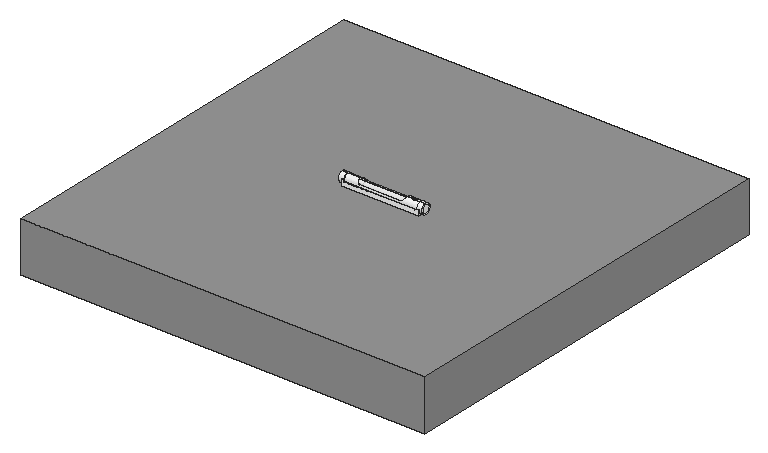
Revit family "Sarlam_Eclairage_Applique_Prismaled_IP44_800Lm", category Dispositifs d'éclairage, Revit 2020
Family settings
  Hôte = Face
  Conserver l'orientation des annotations = Oui
  Cote de connecteur circulaire = Utiliser le diamètre
  Type d'élément = Normal
  Couper avec des vides une fois chargée = Non
  Partagée = Non
  Point de calcul de pièce = Non
Parameters (values of type "ON/OFF")
  Zone de détection = ""
  URL = "http://www.legrandoc.com/SL189810"
  Type de variation = ""
  Type de tension = ""
  Tension nominale (Un) V MIN = 0
  Tension nominale (Un) V MAX = 0
  Température de couleur K MIN = 0
  Température de couleur K MAX = 0
  Source lumineuse = ""
  Répartition lumineuse = "0"
  Puissance du système W = 0
  Puissance de la source lumineuse W = ""
  Puissance de la lampe en Multiwatt = ""
  Modèle = "SL-189810"
  Longueur d'encastrement = 0 mm
  Longueur = 0 mm
  Largeur = 0 mm
  Hauteur/profondeur d'encastrement = 0 mm
  Hauteur/profondeur = 0 mm
  Fabricant = "LEGRAND"  # constant formula
  Diamètre externe = 0 mm
  Diamètre d'encastrement = 0 mm
  Description = "PRISMALED 800LM IP44"
  Condition Générale d'Utilisation = "https://export.legrand.com/CGU-objets-BIM"
  Afficher la zone de détection-pose murale [instance] = no
  Matériau du boîtier/corps = none
  Largeur d'encastrement mm = 0 mm
  Indice de rendu des couleurs CRI = "0"
  Indice de protection contre les chocs (IK) = "IK07"
  Indice de protection (IP) = "IP44"
  Flux lumineux utile lm = 800
  Elévation par défaut = 1800 mm
  Douille = "0"
  Courant nominal mA MIN = 0
  Courant nominal mA MAX = 0
  Couleur du boîtier/corps = LEGRAND - Blanc
  Classe de protection = "II"
  Avec détecteur de mouvement = no
  Avec détecteur crépusculaire = no
  Appareillage = "0"
  Angle du faisceau = "0"
  Afficher l'étiquette de zone [instance] = no
  Adapté à une suspension = no
  Adapté à un montage encastré = no
  Adapté à un montage en saillie = no
  Adapté à un montage en applique = no
  Adapté à un montage au plafond = no
Types (4, lengths in mm): name | Zone de détection | URL | Modèle | Description | Avec détecteur de mouvement
  ON/OFF | "" | "http://www.legrandoc.com/SL189810" | "SL-189810" | "PRISMALED 800LM IP44" | no
  Interrupteur | "" | "http://www.legrandoc.com/SL189820" | "SL-189820" | "PRISMALED 800LM IP44  AVEC INTERRUPTEUR" | no
  ON/OFF+Prise | "" | "http://www.legrandoc.com/SL189850" | "SL-189850" | "PRISMALED 800LM IP 44 AVEC PC" | no
  Détection | "Détection à 1.80m haut Cône 5*5" | "http://www.legrandoc.com/SL189830" | "SL-189830" | "PRISMALED 800LM IP44 AVEC DETECTION" | yes
Reference planes
  plane 1 "Centre (avant/arrière)": y = 0
  plane 2: z = 0
  plane 3 "Centre (gauche/droite)": x = 0
  plane 4: z = 62.155
Forms (mm)
  Extrusion 1, solid, material "Blanc"
    sketch origin (0, 0, 0) x (1, 0, 0) y (0, 1, 0)
      loop
        line (-1219.2, 1219.2) -> (-1219.2, -1219.2) -> (1219.2, -1219.2) -> (1219.2, 1219.2) -> (-1219.2, 1219.2)
    from 0 to -304.8
Lines and regions (mm)
  model lines, style "Lignes cachées", not visible
    curve 1: line (0, 0, 0) -> (0, 0, 2230)
    curve 2: line (0, 0, 0) -> (0, 3300, 0)
    curve 3: line (0, 0, 0) -> (-2620, 0, 0)
Dimensions and locks
  aligned and locked: plane 2 to Extrusion 1
  aligned and locked: level to Extrusion 1
Nested families
  nested 1: "Forme 10" at (0, 0, 0), type "Forme 10"
  nested 2: "Zone de détection Prismaled" at (0, 0, 62.155) x (0, 0, 1) z (0, -1, 0), visible <- "Afficher la zone de détection-pose murale", type "Zone de détection Prismaled"
  nested 3: "Zone de détection Prismaled" at (0, 0, 62.155) x (0, 0, 1) z (1, 0, 0), type "Zone de détection Prismaled"
  nested 4: "Etiquette de zone" at (-4.161, 30.75, 0) x (-1, 0, 0) z (0, 0, 1), visible <- "Afficher l'étiquette de zone", type "Etiquette de zone"
Connectors
  electrical at (0, 0, 0)
    settings: on nested 1, index 1, voltage 230 V, apparent load 0 VA, apparent load phase1 0 VA, apparent load phase2 0 VA, apparent load phase3 0 VA, power factor 1, load classification "Eclairage", number of poles 1, system type 30, power factor state 1, is connector primary yes, connector utility no, sub classification motor no, connector description ""
Definition of nested family "Forme 10"
  Parameters (values of type "Forme 10")
    Default Elevation = 0 mm
    Couleur corps = none
  Reference planes
    plane 1 "Centre (avant/arrière)": y = 0
    plane 2: z = 0
    plane 3 "Centre (gauche/droite)": x = 0
    plane 4: z = 30.75
    plane 5: z = -30.75
    plane 6: x = -251
    plane 7: x = 251
    plane 8: x = -233
    plane 9: x = 233
    plane 10: x = -220
    plane 11: x = 220
    plane 12: x = -150
    plane 13: x = 150
  Forms (mm)
    Extrusion 1, solid, material <- "Couleur corps"
      sketch origin (0, 0, 33.75) x (0, 0, -1) y (0, 1, 0)
        loop
          circle (0, 0) r 28.405
      from -251 to 251
    Extrusion 2, solid, material <- "Couleur corps"
      sketch origin (0, 0, 0) x (0, 0, -1) y (0, 1, 0)
        loop
          line (0, 30.75) -> (-35.665, 28.341) -> (-35.665, -28.341) -> (0, -30.75) -> (0, 30.75)
      from -233 to 233
    Extrusion 3, void
      sketch origin (0, 0, 0) x (0, 0, -1) y (0, 1, 0)
        loop
          arc (-61.155, 0) -> (-51.007, 21.289) -> (-28.079, 26.812) r 27.405
          line (-28.079, 26.812) -> (-28.079, 28.853)
          arc (-28.079, 28.853) -> (-52.43, 22.709) -> (-63.155, 0) r 29.405
          arc (-63.155, 0) -> (-52.43, -22.709) -> (-28.079, -28.853) r 29.405
          line (-28.079, -28.853) -> (-28.079, -26.812)
          arc (-28.079, -26.812) -> (-51.007, -21.289) -> (-61.155, 0) r 27.405
      from -220 to 220
    Extrusion 4, void
      sketch origin (0, 0, 0) x (0, 0, -1) y (0, 1, 0)
        loop
          circle (-33.75, 0) r 26.405
      from -253.91 to -247.91
    Extrusion 5, void
      sketch origin (502, 0, 0) x (0, 0, -1) y (0, 1, 0)
        loop
          circle (-33.75, 0) r 26.405
      from -253.91 to -247.91
    Extrusion 6, void
      sketch origin (0, 0, 8.75) x (1, 0, 0) y (0, 0, -1)
        loop
          arc (-120.86, -33.079) -> (-133.349, -37.318) -> (-140.677, -48.284) r 20.516
          line (-140.677, -48.284) -> (-150, -83.079) -> (150, -83.079) -> (140.677, -48.284)
          arc (140.677, -48.284) -> (133.349, -37.318) -> (120.86, -33.079) r 20.516
          line (120.86, -33.079) -> (-120.86, -33.079)
      from -30.75 to 38.948
    Extrusion 7, solid
      sketch origin (220, 0, 0) x (0, 0, 1) y (0, 1, 0)
        loop
          arc (56.155, 0) -> (50.646, 14.714) -> (36.829, 22.193) r 22.405
          line (36.829, 22.193) -> (36.829, -22.193)
          arc (36.829, -22.193) -> (50.646, -14.714) -> (56.155, 0) r 22.405
      from 0 to 371.05
    Extrusion 8, solid, material <- "Couleur corps"
      sketch origin (0, 0, 0) x (1, 0, 0) y (0, 1, 0)
        loop
          circle (185.17, 0) r 5
      from 56.523 to 61.807
  Cuts and joins
    Extrusion 3, Extrusion 4, Extrusion 5, Extrusion 6 cuts Extrusion 1
    Extrusion 3, Extrusion 4, Extrusion 5 cuts Extrusion 2
    joined: Extrusion 1, Extrusion 2
  Dimensions and locks
    aligned and locked: level to plane 2
    aligned and locked: plane 9 to Extrusion 2
    aligned and locked: Extrusion 2 to plane 8
    aligned and locked: Extrusion 3 to plane 10
    aligned and locked: plane 11 to Extrusion 3
Definition of nested family "Zone de détection Prismaled"
  Parameters (values of type "Zone de détection Prismaled")
    Zone murale Formes 8à9 = yes
    Zone murale Formes 1à7 = yes
  Reference planes
    plane 1 "Centre (avant/arrière)": y = 0
    plane 2: z = 0
    plane 3 "Centre (gauche/droite)": x = 0
  Lines and regions (mm)
    detail lines, in view "Niveau de réf."
      curve 1: spline (1934.398, 2305.326, 0) -> (2793.581, 2073.397, 0) -> (3546.233, 1762.401, 0) -> (4163.652, 1384.197, 0) -> (4622.292, 953.207, 0) -> (4904.664, 485.868, 0) -> (5000, 0, 0) -> (4904.664, -485.868, 0) -> (4622.292, -953.207, 0) -> (4163.652, -1384.197, 0) -> (3546.233, -1762.401, 0) -> (2793.581, -2073.397, 0) -> (1934.398, -2305.326, 0)
      curve 2: line (0, 0, 0) -> (1934.398, 2305.326, 0)
      curve 3: line (0, 0, 0) -> (1934.398, -2305.326, 0)
      curve 4: spline (967.199, 1152.663, 0) -> (1396.791, 1036.699, 0) -> (1773.117, 881.201, 0) -> (2081.826, 692.098, 0) -> (2311.146, 476.604, 0) -> (2452.332, 242.934, 0) -> (2500, 0, 0) -> (2452.332, -242.934, 0) -> (2311.146, -476.604, 0) -> (2081.826, -692.098, 0) -> (1773.117, -881.201, 0) -> (1396.791, -1036.699, 0) -> (967.199, -1152.663, 0)
Definition of nested family "Etiquette de zone"
  Parameters (values of type "Etiquette de zone")
    Etiquette de zone = ""
  Reference planes
    plane 1: y = 0
    plane 2: x = 0
  Text (mm)
    label "Etiquette de zone" at (0.013, -4.46, 0), shows "Etiquette de zone"
